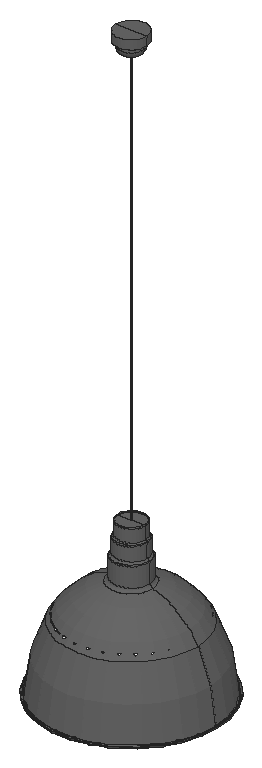
Revit family "Deep Bowl led", category Lighting Fixtures, Revit 2020
Family settings
  Round Connector Dimension = Use Diameter
  Part Type = Normal
  OmniClass Number = 23.80.70.00
  OmniClass Title = Lighting
  Work Plane-Based = No
  Always vertical = Yes
  Cut with Voids When Loaded = No
  Light Source = Yes
  Shared = No
  Room Calculation Point = No
Parameters (values of type "OSD630")
  b = 0' - 3"
  a = 1' - 7"
  Weight = "18.0 lbs"
  Wattage Comments = "37W"
  Wattage = 26.9284 W
  Warranty = "5 year limited warranty"  # constant formula
  built-in parameter 1150110 = 1 (stored number, unit not read)
  Voltage = 277 V  # constant formula
  URL = "https://www.anplighting.com/assets/Uploads/product-attachments/specification-sheets/ANP-Specification-Sheet-RLM-LED-OSD630.pdf"
  built-in parameter 1114217 = 1 (stored number, unit not read)
  Tilt Angle = 90.00°
  built-in parameter 1150109 = 1 (stored number, unit not read)
  built-in parameter 1150134 = 12
  built-in parameter 1150113 = 1 (stored number, unit not read)
  Photometric Web File = "D618M016LDNW30K.IES"
  OSD638 = no
  OSD630 = yes
  OSD626 = no
  OSD622 = no
  Mounting Option [instance] = 1
  Power Factor = 1
  Post Mount [instance] = Mounting Option = 5  # no
  Placement X axis side [instance] = if(Post Mount, 2' 2 15/32", if(Cord or Stem Mount, 0' 0", if(E36 20 inch, 1' 8 1/4", if(E 6 26 inch, 2' 2", if(E7 41 inch, 3' 5 1/4", 0' 1")))))  # 0' - 0"
  Model = "OSD630"
  Manufacturer = "ANP Lighting"  # constant formula
  built-in parameter 1150105 = 318.31 (stored number, unit not read)
  Lumens = 4000 lm
  built-in parameter 1150115 = 1 (stored number, unit not read)
  Load Classification = Lighting
  Light Source Height [instance] = 0' - 0"
  built-in parameter 1150137 = (empty or 0)
  built-in parameter 1150139 = (empty or 0)
  Light Elevation _2 [instance] = if(Post Mount, 0' 0.66142", if(E7 41 inch, 0' 0.66142", if(E36 20 inch, 0' 1.65748", if(E 6 26 inch, 0' 1.53543", if(Cord or Stem Mount, (0' 4.3622" + Cord Length), 0' 0")))))  # 6' - 4.3622"
  Light Elevation _1 [instance] = if(Post Mount, 0' 0", if(E7 41 inch, 0' 0", if(E36 20 inch, 0' 1", if(E 6 26 inch, 0' 0.87402", if(Cord or Stem Mount, (0' 3.66142" + Cord Length), 0' 0")))))  # 6' - 3.66142"
  Light Elevation [instance] = if(Post Mount, 14' 0.5315", if(E7 41 inch, 0' 0", 0' 0"))  # 0' - 0"
  Life = "L70 50,000 hours"  # constant formula
  built-in parameter 1150112 = 1 (stored number, unit not read)
  built-in parameter 1150114 = 1 (stored number, unit not read)
  Lamp = "LED"
  built-in parameter 1150132 = 2
  built-in parameter 1150102 = (empty or 0)
  built-in parameter 1150107 = 4000 (stored number, unit not read)
  built-in parameter 1150138 = (empty or 0)
  built-in parameter 1150106 = 3.1831 (stored number, unit not read)
  Fixture Height = 2' - 3"
  Fixture Diameter = 2' - 6"
  Efficiency = "65-125 lumens per watt"  # constant formula
  built-in parameter 1150104 = 13.8 (stored number, unit not read)
  E7 41 inch [instance] = Mounting Option = 4  # no
  E36 20 inch [instance] = Mounting Option = 3  # no
  E 6 26 inch [instance] = Mounting Option = 2  # no
  Dimming Lamp Color Temperature Shift = <None>
  Dimming = "1%"  # constant formula
  Description = "120-277 Voltage"  # constant formula
  Default Elevation = 0' - 0"
  D618 = no
  D616 = no
  D612 = no
  D610 = no
  D608 = no
  Cord or Stem Mount [instance] = Mounting Option = 1  # yes
  Cord Length option [instance] = 0
  Cord Length [instance] = if([2' Cord], 2' 0", if([4' Cord], 4' 0", if([8' Cord], 8' 0", if([10' Cord], 10' 0", if([6' Cord], 6' 0", 6' 0")))))  # 6' - 0"
  Construction Material = "Heavy Duty spun aluminum."  # constant formula
  Color Filter = 16777215
  CRI = ">90"  # constant formula
  Bulb = Bulb
  Body Material = body
  Body Colour = "Spun aluminium"  # constant formula
  built-in parameter 1114218 = 1 (stored number, unit not read)
  BULB = yes
  built-in parameter 1150133 = 10 (stored number, unit not read)
  Apparent Load = 37 VA
  8' Cord [instance] = Cord Length option = 8  # no
  6' Cord [instance] = Cord Length option = 6  # no
  4' Cord [instance] = Cord Length option = 4  # no
  2' Cord [instance] = Cord Length option = 2  # no
  10' Cord [instance] = Cord Length option = 10  # no
Reference planes (in)
  plane 1 "Light Source Axis (F/B)": y = 0
  plane 2: z = 0
  plane 3 "Light Source Axis (L/R)": x = 0
  plane 4 "Light Source Elevation": z = 0
  plane 5: z = 0
  plane 6: x = 0
  plane 7 "Bulb Position": z = -76.3622
  plane 8 "Canopy Position": z = -75.66142
  plane 9 "IES": z = -76.3622
  plane 10: z = 164.5315
  plane 11: z = -94.66142
  plane 12: z = -91.66142
  plane 13: z = -89.23029
Dimensions and locks (in)
  "Light Elevation": plane 5 to plane 2
  "Placement X axis side": plane 6 to plane 3 "Light Source Axis (L/R)"
  "Light Elevation _2": plane 5 to plane 7 "Bulb Position"
  "Light Elevation _1": plane 5 to plane 8 "Canopy Position"
  "Light Source Height": plane 7 "Bulb Position" to plane 9 "IES"
  locked: plane 4 "Light Source Elevation" to plane 2
  "a": plane 8 "Canopy Position" to plane 11
  "b": plane 12 to plane 11
  locked: plane 13 to plane 12 at 2.43113
  aligned and locked: level to plane 2
  aligned and locked: plane 1 "Light Source Axis (F/B)" to nested 5
  aligned and locked: nested 5 to plane 2
  aligned and locked: nested 1 to plane 3 "Light Source Axis (L/R)"
  aligned and locked: plane 3 "Light Source Axis (L/R)" to nested 2
  aligned and locked: plane 3 "Light Source Axis (L/R)" to nested 4
  aligned and locked: nested 3 to plane 5
  aligned and locked: plane 3 "Light Source Axis (L/R)" to nested 3
  aligned and locked: plane 1 "Light Source Axis (F/B)" to nested 2
  aligned and locked: plane 1 "Light Source Axis (F/B)" to nested 1
  aligned and locked: plane 1 "Light Source Axis (F/B)" to nested 4
  aligned and locked: plane 1 "Light Source Axis (F/B)" to nested 3
  aligned and locked: plane 2 to nested 1
  aligned and locked: plane 2 to nested 2
  aligned and locked: nested 4 to plane 2
  aligned and locked: imposter light to plane 6
  aligned and locked: plane 12 to imposter light
  aligned and locked: imposter light to plane 1 "Light Source Axis (F/B)"
  aligned and locked: plane 1 "Light Source Axis (F/B)" to nested 6
  aligned and locked: plane 6 to nested 6
  aligned and locked: plane 1 "Light Source Axis (F/B)" to nested 7
  aligned and locked: plane 1 "Light Source Axis (F/B)" to nested 8
  aligned and locked: plane 1 "Light Source Axis (F/B)" to nested 9
  aligned and locked: plane 1 "Light Source Axis (F/B)" to nested 10
  aligned and locked: plane 1 "Light Source Axis (F/B)" to nested 11
  aligned and locked: plane 1 "Light Source Axis (F/B)" to nested 12
  aligned and locked: plane 8 "Canopy Position" to nested 6
  aligned and locked: nested 7 to plane 6
  aligned and locked: plane 8 "Canopy Position" to nested 7
  aligned and locked: nested 8 to plane 6
  aligned and locked: plane 8 "Canopy Position" to nested 8
  aligned and locked: nested 9 to plane 6
  aligned and locked: plane 8 "Canopy Position" to nested 9
  aligned and locked: nested 10 to plane 6
  aligned and locked: plane 8 "Canopy Position" to nested 10
  aligned and locked: plane 6 to nested 11
  aligned and locked: plane 8 "Canopy Position" to nested 11
  aligned and locked: nested 12 to plane 6
  aligned and locked: plane 8 "Canopy Position" to nested 12
  aligned and locked: nested 13 to plane 8 "Canopy Position"
  aligned and locked: nested 13 to plane 6
  aligned and locked: nested 14 to plane 8 "Canopy Position"
  aligned and locked: nested 14 to plane 6
  aligned and locked: plane 1 "Light Source Axis (F/B)" to nested 13
Nested families (in)
  nested 1: "CORD OR STEM MOUNT" at (0, 0, -75.67), visible <- "Cord or Stem Mount", Cord or Stem Mount <- "Cord or Stem Mount", Body Material <- "Body Material", Light Elevation <- "Light Elevation", Cord Length <- "Cord Length", 10' Cord <- "10' Cord", 2' Cord <- "2' Cord", 4' Cord <- "4' Cord", 6' Cord <- "6' Cord", 8' Cord <- "8' Cord", type "CORD OR STEM MOUNT"
    with Light Elevation 0' - 0", Cord or Stem Mount yes, Cord Length 6' - 0", Body Material body, 8' Cord no, 6' Cord no, 4' Cord no, 2' Cord no, 10' Cord no
  nested 2: "E6 26 INCH" at (0, 0, 0), visible <- "E 6 26 inch", Chain Length <- "Cord Length", E 6 26 inch <- "E 6 26 inch", Placement X axis side <- "Placement X axis side", Body Material <- "Body Material", Light Elevation <- "Light Elevation", type "E6 26 INCH"
    with Placement X axis side 0' - 0", Light Elevation 0' - 0", E 6 26 inch no, Chain Length 6' - 0", Body Material body
  nested 3: "E7 41 INCH" at (0, 0, 0), Chain Length <- "Cord Length", visible <- "E7 41 inch", E7 41 inch <- "E7 41 inch", Placement X axis side <- "Placement X axis side", Body Material <- "Body Material", Light Elevation <- "Light Elevation", type "E7 41 INCH"
    with Placement X axis side 0' - 0", Light Elevation 0' - 0", E7 41 inch no, Chain Length 6' - 0", Body Material body
  nested 4: "E36 20 INCH" at (0, 0, 0), visible <- "E36 20 inch", E36 20 inch <- "E36 20 inch", Placement X axis side <- "Placement X axis side", Chain Length <- "Cord Length", Body Material <- "Body Material", Light Elevation <- "Light Elevation", type "E36 20 INCH"
    with Placement X axis side 0' - 0", Light Elevation 0' - 0", E36 20 inch no, Chain Length 6' - 0", Body Material body
  nested 5: "POST MOUNT" at (0, 0, 0), visible <- "Post Mount", Post Mount <- "Post Mount", Placement X axis side <- "Placement X axis side", Chain Length <- "Cord Length", Body Material <- "Body Material", Light Elevation <- "Light Elevation", type "POST MOUNT"
    with Post Mount no, Placement X axis side 0' - 0", Light Elevation 0' - 0", Chain Length 6' - 0", Body Material body
  nested 6: "1.D608" at (0, 0, -75.66142), Body <- "Body Material", visible <- "D608", D608 <- "D608", Light Elevation <- "Light Elevation", type "1.D608"
    with Light Elevation 0' - 0", D608 no, Body body
  nested 7: "2.D610" at (0, 0, -75.66142), visible <- "D610", Body <- "Body Material", Light Elevation <- "Light Elevation", D610 <- "D610", type "2.D610"
    with Light Elevation 0' - 0", D610 no, Body body
  nested 8: "3.D612" at (0, 0, -75.66142), D612 <- "D612", visible <- "D612", Body <- "Body Material", Light Elevation <- "Light Elevation", type "3.D612"
    with Light Elevation 0' - 0", D612 no, Body body
  nested 9: "4.D616" at (0, 0, -75.66137), Light Elevation <- "Light Elevation", Body <- "Body Material", visible <- "D616", D616 <- "D616", type "4.D616"
    with Light Elevation 0' - 0", D616 no, Body body
  nested 10: "5.D618" at (0, 0, -75.66142), visible <- "D618", D618 <- "D618", Body <- "Body Material", Light Elevation <- "Light Elevation", type "5.D618"
    with Light Elevation 0' - 0", D618 no, Body body
  nested 11: "6.OSD622" at (0, 0, -75.66142), Light Elevation <- "Light Elevation", Body <- "Body Material", visible <- "OSD622", OSD622 <- "OSD622", Bulb <- "Bulb", type "6.OSD622"
    with OSD622 no, Light Elevation 0' - 0", Bulb Bulb, Body body
  nested 12: "8.OSD638" at (0, 0, -75.66142), OSD638 <- "OSD638", visible <- "OSD638", Body <- "Body Material", Light Elevation <- "Light Elevation", type "8.OSD638"
    with OSD638 no, Light Elevation 0' - 0", Body body
  nested 13: "OSD626" at (0, -75.10736, -75.66142), visible <- "OSD626", Body <- "Body Material", Light Elevation <- "Light Elevation", OSD626 <- "OSD626", Bulb <- "Bulb", type "OSD626"
    with OSD626 no, Light Elevation 0' - 0", Bulb Bulb, Body body
  nested 14: "7.OSD630" at (0, 0, -75.66142), visible <- "OSD630", Body <- "Body Material", Light Elevation <- "Light Elevation", OSD630 <- "OSD630", type "7.OSD630"
    with OSD630 yes, Light Elevation 0' - 0", Body body
Definition of nested family "CORD OR STEM MOUNT"
  Parameters (values of type "CORD OR STEM MOUNT")
    URL = ""
    Model = ""
    Manufacturer = ""
    Light Elevation [instance] = 1' - 7.69"
    Default Elevation = 0' - 0"
    Cord or Stem Mount [instance] = yes
    Cord Length [instance] = 6' - 0"
    Body Material [instance] = none
    8' Cord [instance] = no
    6' Cord [instance] = no
    4' Cord [instance] = no
    2' Cord [instance] = no
    10' Cord [instance] = no
  Reference planes (in)
    plane 1 "Light Source Axis (F/B)": y = 0
    plane 2: z = 0
    plane 3 "Light Source Axis (L/R)": x = 0
    plane 4 "Light Source Elevation": z = 23.125
    plane 5: z = 91.69
    plane 6: z = 19.69
  Forms (in)
    Extrusion 1, void, not visible
      sketch origin (0, 0, 2.38154) x (1, 0, 0) y (0, 0, 1)
        loop
          circle (0, 4.59925) r 0.16583
      from 1.18594 to 1.75
    Extrusion 2, void, not visible
      sketch origin (0, 0, 2.38154) x (0.707107, -0.707107, 0) y (0, 0, 1)
        loop
          circle (0, 4.59925) r 0.16583
      from 1.18594 to 1.75
    Extrusion 3, void, not visible
      sketch origin (0, 0, 2.38154) x (0.707107, 0.707107, 0) y (0, 0, 1)
        loop
          circle (0, 4.59925) r 0.16583
      from 1.18594 to 1.75
    Extrusion 4, void, not visible
      sketch origin (0, 0, 2.38154) x (0, 1, 0) y (0, 0, 1)
        loop
          circle (0, 4.59925) r 0.16583
      from 1.18594 to 1.75
    Extrusion 5, void, not visible
      sketch origin (0, 0, 2.38154) x (-0.707107, 0.707107, 0) y (0, 0, 1)
        loop
          circle (0, 4.59925) r 0.16583
      from 1.18594 to 1.75
    Extrusion 6, void, not visible
      sketch origin (0, 0, 2.38154) x (-1, 0, 0) y (0, 0, 1)
        loop
          circle (0, 4.59925) r 0.20678
      from 1.18594 to 1.75
    Extrusion 7, void, not visible
      sketch origin (0, 0, 2.38154) x (-0.707107, -0.707107, 0) y (0, 0, 1)
        loop
          circle (0, 4.59925) r 0.16583
      from 1.18594 to 1.75
    Extrusion 8, void, not visible
      sketch origin (0, 0, 2.38154) x (0, -1, 0) y (0, 0, 1)
        loop
          circle (0, 4.59925) r 0.16583
      from 1.18594 to 1.75
    Revolve 9, solid, material <- "Body Material", visible <- "Cord or Stem Mount"
      sketch origin (0, 0, 174.56698) x (1, 0, 0) y (0, 0, 1)
        loop
          line (2.6875, -79.20698) -> (0, -79.20698) -> (0, -82.87698) -> (0.125, -82.87698) -> (0.125, -82.83698) -> (0.75, -82.83698)
          arc (0.75, -82.83698) -> (0.81694, -82.77004) -> (0.75, -82.7031) r 0.06694
          line (0.75, -82.7031) -> (0.89763, -82.7031) -> (1.00223, -82.5985) -> (1.06587, -82.5985)
          arc (1.06587, -82.5985) -> (1.80099, -82.29401) -> (2.10549, -81.55888) r 1.03962
          line (2.10549, -81.55888) -> (2.10549, -81.03899)
          arc (2.10549, -81.03899) -> (2.12951, -80.981) -> (2.1875, -80.95698) r 0.08201
          line (2.1875, -80.95698) -> (2.1875, -80.70698) -> (2.6875, -80.70698) -> (2.6875, -79.20698)
        axis (0, -79.20698) -> (0, -82.87698)
      angle from 0 to 360
    Revolve 10, solid, material <- "Body Material", visible <- "Cord or Stem Mount"
      sketch origin (0, 0, 0) x (1, 0, 0) y (0, 0, 1)
        loop
          line (0, 91.69) -> (-0.125, 91.69) -> (-0.125, 19.69) -> (0, 19.69) -> (0, 91.69)
        axis (0, 19.69) -> (0, 91.69)
      angle from 0 to 360
  Dimensions and locks (in)
    "Light Elevation": plane 6 to plane 2
    "Cord Length": plane 5 to plane 6
    locked: Revolve 10 sketch curve to Revolve 10 sketch curve at 0.125
    aligned and locked: level to plane 2
    aligned and locked: Revolve 10 sketch curve to plane 3 "Light Source Axis (L/R)"
    aligned and locked: Revolve 10 sketch curve to plane 6
    aligned and locked: Revolve 10 sketch curve to plane 5
    aligned and locked: plane 3 "Light Source Axis (L/R)" to Revolve 10 sketch curve
  Automatic sketch dimensions
    Revolve 9 sketch curve to plane 3 "Light Source Axis (L/R)" = 0' - 0"  (x2)
    Revolve 9 sketch curve to plane 5 = 0' - 0"
    plane 3 "Light Source Axis (L/R)" to Revolve 9 sketch curve = 0' - 0 1/8"
    Revolve 9 sketch curve to plane 5 = 0' - 0.17388"
    Revolve 9 sketch curve to Revolve 9 sketch curve = 0' - 0 5/8"
    Revolve 9 sketch curve to Revolve 9 sketch curve = 0' - 0.14763"
    Revolve 9 sketch curve to plane 5 = 0' - 0.27847"
    Revolve 9 sketch curve to Revolve 9 sketch curve = 0' - 0.1046"
    Revolve 9 sketch curve to Revolve 9 sketch curve = 0' - 0.06364"
    Revolve 9 sketch curve to Revolve 9 sketch curve = 0' - 1.03962"
    Revolve 9 sketch curve to Revolve 9 sketch curve = 0' - 0 21/256"
    Revolve 9 sketch curve to Revolve 9 sketch curve = 0' - 0 1/2"  (x2)
    Revolve 9 sketch curve to Revolve 9 sketch curve = 0' - 0.51989"
    Revolve 9 sketch curve to Revolve 9 sketch curve = 0' - 0 1/4"
    Revolve 9 sketch curve to Revolve 9 sketch curve = 0' - 2.3519"
    Revolve 9 sketch curve to Revolve 9 sketch curve = 0' - 1 1/4"
    Revolve 9 sketch curve to Revolve 9 sketch curve = 0' - 0.04"
    Revolve 10 sketch curve to Revolve 10 sketch curve = 0' - 0 1/2"
    Revolve 10 sketch curve to Revolve 10 sketch curve = 0' - 0.42345"
Definition of nested family "7.OSD630"
  Parameters (values of type "7.OSD630")
    OSD630 [instance] = yes
    Light Elevation [instance] = 4' - 0"
    Default Elevation = 0' - 0"
    Bulb = none
    Body [instance] = none
  Reference planes (in)
    plane 1 "Center (Front/Back)": y = 0
    plane 2: z = 0
    plane 3 "Center (Left/Right)": x = 0
    plane 4: z = 48
  Dimensions and locks (in)
    "Light Elevation": plane 4 to plane 2
    aligned and locked: plane 2 to level
    aligned and locked: plane 1 "Center (Front/Back)" to nested 1
    aligned and locked: plane 3 "Center (Left/Right)" to nested 1
    aligned and locked: plane 4 to nested 1
  Nested families (in)
    nested 1: "OSD630" at (0, 0, 21), visible <- "OSD630", SHADE <- "Body", Bulb <- "Bulb", OSD630 <- "OSD630", type "OSD630"
      with SHADE none
  Definition of nested family "OSD630"
    Parameters (values of type "OSD630")
      SHADE [instance] = none
      OSD630 [instance] = yes
      Default Elevation = 0' - 0"
      Bulb [instance] = none
    Reference planes (in)
      plane 1 "Center (Front/Back)": y = 0
      plane 2: z = 0
      plane 3 "Center (Left/Right)": x = 0
      plane 4: z = 27
      plane 5: x = 15
      plane 6: z = 11
      plane 7: x = -15
    Forms (in)
      Revolve 1, solid, material <- "SHADE", visible <- "OSD630"
        sketch origin (0, 0, 0) x (1, 0, 0) y (0, 0, 1)
          loop
            line (-0.13, 27) -> (-2.32072, 27)
            arc (-2.32072, 27) -> (-2.39531, 26.9691) -> (-2.42621, 26.89451) r 0.10549
            line (-2.42621, 26.89451) -> (-2.42621, 24.78954)
            arc (-2.42621, 24.78954) -> (-2.49249, 24.59575) -> (-2.66356, 24.48313) r 0.31646
            arc (-2.66356, 24.48313) -> (-2.72058, 24.44559) -> (-2.74267, 24.38099) r 0.10549
            line (-2.74267, 24.38099) -> (-2.74267, 22.04687)
            arc (-2.74267, 22.04687) -> (-2.83778, 21.78) -> (-3.08023, 21.63344) r 0.42195
            arc (-3.08023, 21.63344) -> (-3.14085, 21.5968) -> (-3.16462, 21.53009) r 0.10549
            line (-3.16462, 21.53009) -> (-3.16462, 18.23152)
            arc (-3.16462, 18.23152) -> (-3.31931, 17.81693) -> (-3.70775, 17.60499) r 0.63292
            arc (-3.70775, 17.60499) -> (-8.24781, 15.32648) -> (-11.58027, 11.49263) r 13.10429
            arc (-11.58027, 11.49263) -> (-13.65416, 6.00426) -> (-14.56024, 0.20751) r 28.49989
            arc (-14.56024, 0.20751) -> (-14.60257, 0.11562) -> (-14.69653, 0.07812) r 0.13647
            line (-14.69653, 0.07812) -> (-14.79687, 0.07812)
            arc (-14.79687, 0.07812) -> (-14.88526, 0.11474) -> (-14.92187, 0.20313) r 0.125
            line (-14.92187, 0.20313) -> (-14.92187, 0.28227)
            arc (-14.92187, 0.28227) -> (-14.85617, 0.31447) -> (-14.80518, 0.26199) r 0.06229
            line (-14.80518, 0.26199) -> (-14.80518, 0.37925)
            arc (-14.80518, 0.37925) -> (-14.92109, 0.38261) -> (-15, 0.29764) r 0.14042
            line (-15, 0.29764) -> (-15, 0.20313)
            arc (-15, 0.20313) -> (-14.94051, 0.05949) -> (-14.79687, 0) r 0.20313
            line (-14.79687, 0) -> (-14.69653, 0)
            arc (-14.69653, 0) -> (-14.54878, 0.05896) -> (-14.48222, 0.20346) r 0.2146
            arc (-14.48222, 0.20346) -> (-13.57891, 5.98325) -> (-11.51141, 11.45567) r 28.42176
            arc (-11.51141, 11.45567) -> (-8.20095, 15.26396) -> (-3.69157, 17.52841) r 13.02617
            arc (-3.69157, 17.52841) -> (-3.25859, 17.76771) -> (-3.0865, 18.23152) r 0.71105
            line (-3.0865, 18.23152) -> (-3.0865, 21.53009)
            arc (-3.0865, 21.53009) -> (-3.08033, 21.54739) -> (-3.06461, 21.5569) r 0.02736
            arc (-3.06461, 21.5569) -> (-2.77727, 21.73059) -> (-2.66455, 22.04687) r 0.50007
            line (-2.66455, 22.04687) -> (-2.66455, 24.38099)
            arc (-2.66455, 24.38099) -> (-2.65882, 24.39775) -> (-2.64403, 24.40748) r 0.02736
            arc (-2.64403, 24.40748) -> (-2.43072, 24.54791) -> (-2.34809, 24.78954) r 0.39459
            line (-2.34809, 24.78954) -> (-2.34809, 26.89929)
            arc (-2.34809, 26.89929) -> (-2.34007, 26.91864) -> (-2.32072, 26.92665) r 0.02736
            line (-2.32072, 26.92665) -> (-0.13, 26.92665) -> (-0.13, 27)
          axis (0, 27) -> (0, 0)
        angle from 0 to 360
      Revolve 2, solid, material <- "Bulb", visible <- "OSD630"
        sketch origin (0, 0, 0) x (1, 0, 0) y (0, 0, 1)
          loop
            arc (0, 11) -> (0.64231, 11.30359) -> (0.85086, 11.98274) r 0.87971
            line (0.85086, 11.98274) -> (1.1982, 11.98274) -> (1.1982, 12.125) -> (0.92191, 12.125) -> (0.92191, 12.375) -> (0.75, 12.375) -> (0.75, 12.125) -> (0, 12.125) -> (0, 11)
          axis (0, 11) -> (0, 12.375)
        angle from 0 to 360
      Revolve 3, solid, material <- "Bulb", visible <- "OSD630"
        sketch origin (0, 0, 0) x (1, 0, 0) y (0, 0, 1)
          loop
            line (0, 12.125) -> (9.75, 12.125) -> (9.75, 12.21875) -> (11.0372, 12.21875) -> (10.93484, 12.37049) -> (0, 12.37049) -> (0, 12.125)
          axis (0, 12.125) -> (0, 12.37049)
        angle from 0 to 360
    Dimensions and locks (in)
      plane 5 to plane 3 "Center (Left/Right)" = 1' - 3"
      plane 2 to plane 4 = 2' - 3"
      plane 2 to plane 6 = 0' - 11"
      locked: Revolve 2 sketch curve to Revolve 2 sketch curve at 0.14226
      locked: Revolve 2 sketch curve to Revolve 2 sketch curve at 0.17191
      locked: Revolve 2 sketch curve to Revolve 2 sketch curve at 1.1982
      locked: Revolve 3 sketch curve to Revolve 3 sketch curve at 0.24549
      locked: Revolve 3 sketch curve to Revolve 3 sketch curve at 0.15174
      aligned and locked: plane 2 to level
      aligned and locked: Revolve 1 sketch curve to plane 4
Definition of nested family "E6 26 INCH"
  Parameters (values of type "E6 26 INCH")
    URL = ""
    Placement X axis side [instance] = 2' - 2"
    Model = ""
    Manufacturer = ""
    Light Elevation [instance] = 8' - 4"
    E 6 26 inch [instance] = yes
    Default Elevation = 0' - 0"
    Chain Length [instance] = 0' - 0"
    Body Material [instance] = none
  Reference planes (in)
    plane 1 "Light Source Axis (F/B)": y = 0
    plane 2: z = 0
    plane 3 "Light Source Axis (L/R)": x = 0
    plane 4 "Light Source Elevation": z = 23.125
    plane 5: z = 100
    plane 6: x = -26
    plane 7: z = 99.125
    plane 8: x = -24.12
    plane 9: x = -25.5474
  Forms (in)
    Extrusion 1, void, not visible
      sketch origin (0, 0, 2.38154) x (1, 0, 0) y (0, 0, 1)
        loop
          circle (0, 4.59925) r 0.16583
      from 1.18594 to 1.75
    Extrusion 2, void, not visible
      sketch origin (0, 0, 2.38154) x (0.707107, -0.707107, 0) y (0, 0, 1)
        loop
          circle (0, 4.59925) r 0.16583
      from 1.18594 to 1.75
    Extrusion 3, void, not visible
      sketch origin (0, 0, 2.38154) x (0.707107, 0.707107, 0) y (0, 0, 1)
        loop
          circle (0, 4.59925) r 0.16583
      from 1.18594 to 1.75
    Extrusion 4, void, not visible
      sketch origin (0, 0, 2.38154) x (0, 1, 0) y (0, 0, 1)
        loop
          circle (0, 4.59925) r 0.16583
      from 1.18594 to 1.75
    Extrusion 5, void, not visible
      sketch origin (0, 0, 2.38154) x (-0.707107, 0.707107, 0) y (0, 0, 1)
        loop
          circle (0, 4.59925) r 0.16583
      from 1.18594 to 1.75
    Extrusion 6, void, not visible
      sketch origin (0, 0, 2.38154) x (-1, 0, 0) y (0, 0, 1)
        loop
          circle (0, 4.59925) r 0.20678
      from 1.18594 to 1.75
    Extrusion 7, void, not visible
      sketch origin (0, 0, 2.38154) x (-0.707107, -0.707107, 0) y (0, 0, 1)
        loop
          circle (0, 4.59925) r 0.16583
      from 1.18594 to 1.75
    Extrusion 8, void, not visible
      sketch origin (0, 0, 2.38154) x (0, -1, 0) y (0, 0, 1)
        loop
          circle (0, 4.59925) r 0.16583
      from 1.18594 to 1.75
    Sweep 9, solid, material <- "Body Material", visible <- "E 6 26 inch"
      path origin (-41.25, 0, 168.51693) x (1, 0, 0) y (0, 0, 1)
        loop
          line (17.13, -68.51693) -> (27.68551, -68.51693)
          arc (27.68551, -68.51693) -> (28.47996, -68.34486) -> (29.13202, -67.8595) r 1.92004
          line (29.13202, -67.8595) -> (34.23651, -62.01155)
          arc (34.23651, -62.01155) -> (38.65464, -60.89667) -> (41.25, -64.64193) r 4
          line (41.25, -64.64193) -> (41.25, -69.39193)
      profile origin (-18.84224, 0, 100) x (0, 0, 1) y (0, -1, 0)
        loop
          circle (0, 0) r 0.5
    Revolve 10, solid, material <- "Body Material", visible <- "E 6 26 inch"
      sketch origin (-26, 0, 168.51693) x (1, 0, 0) y (0, 0, 1)
        loop
          line (0, -66.07943) -> (0, -68.51693) -> (1.88, -68.51693) -> (1.88, -67.69272) -> (0.4526, -67.69272) -> (0.4526, -66.54122) -> (0.33125, -66.54122) -> (0.33125, -66.07943) -> (0, -66.07943)
        axis (0, -68.51693) -> (1.88, -68.51693)
      angle from 0 to 360
    Extrusion 11, solid, material <- "Body Material", visible <- "E 6 26 inch"
      sketch origin (-26, 0, 168.51693) x (0, -1, 0) y (0, 0, -1)
        loop
          line (0.25, 68.51693) -> (0.25, 69.51693) -> (-0.25, 69.51693) -> (-0.25, 68.51693) -> (0.25, 68.51693)
      from 0.4526 to 1.88
  Cuts and joins
    joined: Revolve 10, Extrusion 11
  Dimensions and locks (in)
    "Light Elevation": plane 5 to plane 2
    "Placement X axis side": plane 3 "Light Source Axis (L/R)" to plane 6
    locked: plane 5 to plane 7 at 0.875
    Revolve 10 sketch curve to Revolve 10 sketch curve to Revolve 10 sketch curve to plane 6 = 0' - 1.4274" locked, 0' - 0.12135" locked, 0' - 0.33125" locked
    Revolve 10 sketch curve to Revolve 10 sketch curve to Revolve 10 sketch curve to plane 5 = 0' - 0.46179" locked, 0' - 1.1515" locked, 0' - 0 211/256" locked
    locked: Sweep 9 sketch curve to plane 6 at 1.88
    locked: Sweep 9 sketch curve to Sweep 9 sketch curve at 10.55551
    locked: Sweep 9 sketch curve to Sweep 9 sketch curve at 13.56449
    locked: Sweep 9 sketch curve to Sweep 9 sketch curve at 4.75
    locked: plane 9 to plane 6 at 0.4526
    locked: plane 8 to plane 9 at 1.4274
    aligned and locked: level to plane 2
    aligned and locked: Revolve 10 sketch curve to plane 6
    aligned and locked: plane 5 to Revolve 10 sketch curve
    aligned and locked: Revolve 10 sketch curve to plane 5
    aligned and locked: cut or joined group of Revolve 10, Extrusion 11 to plane 9
    aligned and locked: plane 8 to cut or joined group of Revolve 10, Extrusion 11
  Automatic sketch dimensions
    Sweep 9 sketch curve to plane 5 = 0' - 0"
    Sweep 9 sketch curve to Sweep 9 sketch curve = 0' - 4"
    Sweep 9 sketch curve to Sweep 9 sketch curve = 0' - 3.01349"
    plane 5 to Sweep 9 sketch curve = 0' - 0.65743"
    Sweep 9 sketch curve to Sweep 9 sketch curve = 0' - 1.4465"
    Sweep 9 sketch curve to plane 5 = 0' - 0 7/8"
    profile plane to Sweep 9 sketch curve = 0' - 0"
    Sweep 9 sketch curve to profile plane = 0' - 0"
    plane 6 to Revolve 10 sketch curve = 0' - 0.62562"
    Revolve 10 sketch curve to Revolve 10 sketch curve = 0' - 0 1/2"
    Extrusion 11 sketch curve to plane 5 = 0' - 0"
    plane 1 "Light Source Axis (F/B)" to Extrusion 11 sketch curve = 0' - 0 1/4"
    Extrusion 11 sketch curve to plane 1 "Light Source Axis (F/B)" = 0' - 0 1/4"
    plane 5 to Extrusion 11 sketch curve = 0' - 1"
    radius of Sweep 9 sketch curve = 0' - 0 1/2"
Definition of nested family "E7 41 INCH"
  Parameters (values of type "E7 41 INCH")
    URL = ""
    Placement X axis side [instance] = 4' - 2"
    Model = ""
    Manufacturer = ""
    Light Elevation [instance] = 8' - 4"
    E7 41 inch [instance] = yes
    Default Elevation = 0' - 0"
    Chain Length [instance] = 0' - 0"
    Body Material [instance] = none
  Reference planes (in)
    plane 1 "Light Source Axis (F/B)": y = 0
    plane 2: z = 0
    plane 3 "Light Source Axis (L/R)": x = 0
    plane 4 "Light Source Elevation": z = 23.125
    plane 5: z = 100
    plane 6: x = -50
  Forms (in)
    Extrusion 1, void, not visible
      sketch origin (0, 0, 2.38154) x (1, 0, 0) y (0, 0, 1)
        loop
          circle (0, 4.59925) r 0.16583
      from 1.18594 to 1.75
    Extrusion 2, void, not visible
      sketch origin (0, 0, 2.38154) x (0.707107, -0.707107, 0) y (0, 0, 1)
        loop
          circle (0, 4.59925) r 0.16583
      from 1.18594 to 1.75
    Extrusion 3, void, not visible
      sketch origin (0, 0, 2.38154) x (0.707107, 0.707107, 0) y (0, 0, 1)
        loop
          circle (0, 4.59925) r 0.16583
      from 1.18594 to 1.75
    Extrusion 4, void, not visible
      sketch origin (0, 0, 2.38154) x (0, 1, 0) y (0, 0, 1)
        loop
          circle (0, 4.59925) r 0.16583
      from 1.18594 to 1.75
    Extrusion 5, void, not visible
      sketch origin (0, 0, 2.38154) x (-0.707107, 0.707107, 0) y (0, 0, 1)
        loop
          circle (0, 4.59925) r 0.16583
      from 1.18594 to 1.75
    Extrusion 6, void, not visible
      sketch origin (0, 0, 2.38154) x (-1, 0, 0) y (0, 0, 1)
        loop
          circle (0, 4.59925) r 0.20678
      from 1.18594 to 1.75
    Extrusion 7, void, not visible
      sketch origin (0, 0, 2.38154) x (-0.707107, -0.707107, 0) y (0, 0, 1)
        loop
          circle (0, 4.59925) r 0.16583
      from 1.18594 to 1.75
    Extrusion 8, void, not visible
      sketch origin (0, 0, 2.38154) x (0, -1, 0) y (0, 0, 1)
        loop
          circle (0, 4.59925) r 0.16583
      from 1.18594 to 1.75
    Revolve 9, solid, material <- "Body Material", visible <- "E7 41 inch"
      sketch origin (-41.25, 0, 168.39193) x (1, 0, 0) y (0, 0, 1)
        loop
          line (-8.75, -66.20443) -> (-8.75, -68.51693) -> (-6.87, -68.51693) -> (-6.87, -67.69272) -> (-8.2974, -67.69272) -> (-8.2974, -66.54122) -> (-8.41875, -66.54122) -> (-8.41875, -66.20443) -> (-8.75, -66.20443)
        axis (-8.75, -68.51693) -> (-6.87, -68.51693)
      angle from 0 to 360
    Extrusion 10, solid, material <- "Body Material", visible <- "E7 41 inch"
      sketch origin (-41.25, 0, 168.39193) x (0, -1, 0) y (0, 0, -1)
        loop
          line (0.25, 68.51693) -> (0.25, 69.51693) -> (-0.25, 69.51693) -> (-0.25, 68.51693) -> (0.25, 68.51693)
      from -8.2974 to -6.87
    Sweep 11, solid, material <- "Body Material", visible <- "E7 41 inch"
      path origin (-41.25, 0, 168.39193) x (1, 0, 0) y (0, 0, 1)
        loop
          line (-6.87, -68.51693) -> (16.04011, -68.51693)
          arc (16.04011, -68.51693) -> (17.864, -68.13651) -> (19.38375, -67.0587) r 4.5625
          line (19.38375, -67.0587) -> (24.70217, -61.33018)
          arc (24.70217, -61.33018) -> (29.64465, -60.20324) -> (32.5, -64.39193) r 4.5
          line (32.5, -64.39193) -> (32.5, -68.39193)
      profile origin (-36.66494, 0, 99.875) x (0, 0, 1) y (0, -1, 0)
        loop
          circle (0, 0) r 0.5
  Dimensions and locks (in)
    "Placement X axis side": plane 3 "Light Source Axis (L/R)" to plane 6
    "Light Elevation": plane 5 to plane 2
    locked: Revolve 9 sketch curve to Revolve 9 sketch curve at 0.33125
    locked: Revolve 9 sketch curve to Revolve 9 sketch curve at 0.4526
    locked: Revolve 9 sketch curve to Revolve 9 sketch curve at 1.88
    locked: Revolve 9 sketch curve to Revolve 9 sketch curve at 0.82421
    locked: Revolve 9 sketch curve to Revolve 9 sketch curve at 1.1515
    locked: Revolve 9 sketch curve to Revolve 9 sketch curve at 0.33679
    locked: plane 5 to Revolve 9 sketch curve at 0.125
    locked: Extrusion 10 sketch curve to Extrusion 10 sketch curve at 0.5
    locked: Extrusion 10 sketch curve to Extrusion 10 sketch curve at 1
    locked: plane 5 to Extrusion 10 sketch curve at 0.125
    locked: plane 5 to Sweep 11 sketch curve at 0.125
    locked: Sweep 11 sketch curve to Sweep 11 sketch curve at 39.37
    locked: Sweep 11 sketch curve to Sweep 11 sketch curve at 4
    locked: plane 6 to Extrusion 10 at 0.4526
    locked: Sweep 11 sketch curve to plane 6 at 1.88
    locked: Extrusion 10 to Extrusion 10 at 1.4274
    aligned and locked: plane 2 to level
    aligned and locked: Revolve 9 sketch curve to plane 6
  Automatic sketch dimensions
    Revolve 9 sketch curve to plane 5 = 0' - 0 1/8"
    plane 6 to Revolve 9 sketch curve = 0' - 0.62562"
    Revolve 9 sketch curve to Revolve 9 sketch curve = 0' - 0 1/2"
    plane 1 "Light Source Axis (F/B)" to Extrusion 10 sketch curve = 0' - 0 1/4"
    Sweep 11 sketch curve to plane 5 = 0' - 0"
    Sweep 11 sketch curve to Sweep 11 sketch curve = 0' - 4 1/2"
    Sweep 11 sketch curve to Sweep 11 sketch curve = 0' - 3.29783"
    plane 5 to Sweep 11 sketch curve = 0' - 1.33323"
    Sweep 11 sketch curve to Sweep 11 sketch curve = 0' - 5.31842"
    Sweep 11 sketch curve to Sweep 11 sketch curve = 0' - 3.34364"
    profile plane to Sweep 11 sketch curve = 0' - 0"
    Sweep 11 sketch curve to profile plane = 0' - 0"
    radius of Sweep 11 sketch curve = 0' - 0 1/2"
Definition of nested family "E36 20 INCH"
  Parameters (values of type "E36 20 INCH")
    URL = ""
    Placement X axis side [instance] = 1' - 8 1/4"
    Model = ""
    Manufacturer = ""
    Light Elevation [instance] = 8' - 4"
    E36 20 inch [instance] = yes
    Default Elevation = 0' - 0"
    Chain Length [instance] = 0' - 0"
    Body Material [instance] = none
  Reference planes (in)
    plane 1 "Light Source Axis (F/B)": y = 0
    plane 2: z = 0
    plane 3 "Light Source Axis (L/R)": x = 0
    plane 4 "Light Source Elevation": z = 23.125
    plane 5: z = 99
    plane 6: x = -20.25
    plane 7: z = 100
    plane 8: x = -18.37008
    plane 9: x = -19.79724
  Forms (in)
    Extrusion 1, void, not visible
      sketch origin (0, 0, 2.38154) x (1, 0, 0) y (0, 0, 1)
        loop
          circle (0, 4.59925) r 0.16583
      from 1.18594 to 1.75
    Extrusion 2, void, not visible
      sketch origin (0, 0, 2.38154) x (0.707107, -0.707107, 0) y (0, 0, 1)
        loop
          circle (0, 4.59925) r 0.16583
      from 1.18594 to 1.75
    Extrusion 3, void, not visible
      sketch origin (0, 0, 2.38154) x (0.707107, 0.707107, 0) y (0, 0, 1)
        loop
          circle (0, 4.59925) r 0.16583
      from 1.18594 to 1.75
    Extrusion 4, void, not visible
      sketch origin (0, 0, 2.38154) x (0, 1, 0) y (0, 0, 1)
        loop
          circle (0, 4.59925) r 0.16583
      from 1.18594 to 1.75
    Extrusion 5, void, not visible
      sketch origin (0, 0, 2.38154) x (-0.707107, 0.707107, 0) y (0, 0, 1)
        loop
          circle (0, 4.59925) r 0.16583
      from 1.18594 to 1.75
    Extrusion 6, void, not visible
      sketch origin (0, 0, 2.38154) x (-1, 0, 0) y (0, 0, 1)
        loop
          circle (0, 4.59925) r 0.20678
      from 1.18594 to 1.75
    Extrusion 7, void, not visible
      sketch origin (0, 0, 2.38154) x (-0.707107, -0.707107, 0) y (0, 0, 1)
        loop
          circle (0, 4.59925) r 0.16583
      from 1.18594 to 1.75
    Extrusion 8, void, not visible
      sketch origin (0, 0, 2.38154) x (0, -1, 0) y (0, 0, 1)
        loop
          circle (0, 4.59925) r 0.16583
      from 1.18594 to 1.75
    Sweep 9, solid, material <- "Body Material", visible <- "E36 20 inch"
      path origin (-41.25, 0, 169.51693) x (1, 0, 0) y (0, 0, 1)
        loop
          line (22.88, -69.51693) -> (28.93827, -69.51693)
          arc (28.93827, -69.51693) -> (29.97705, -69.28152) -> (30.81284, -68.62128) r 2.40953
          line (30.81284, -68.62128) -> (34.13807, -64.50378)
          arc (34.13807, -64.50378) -> (38.58272, -63.24548) -> (41.25, -67.01693) r 4
          line (41.25, -67.01693) -> (41.25, -70.51693)
      profile origin (-15.34086, 0, 100) x (0, 0, 1) y (0, -1, 0)
        loop
          circle (0, 0) r 0.5
    Revolve 10, solid, material <- "Body Material", visible <- "E36 20 inch"
      sketch origin (-20.25, 0, 169.51693) x (1, 0, 0) y (0, 0, 1)
        loop
          line (0, -67.20443) -> (0, -69.51693) -> (1.88, -69.51693) -> (1.88, -68.69272) -> (0.4526, -68.69272) -> (0.4526, -67.54122) -> (0.33125, -67.54122) -> (0.33125, -67.20443) -> (0, -67.20443)
        axis (0, -69.51693) -> (1.88, -69.51693)
      angle from 0 to 360
    Extrusion 11, solid, material <- "Body Material", visible <- "E36 20 inch"
      sketch origin (-20.25, 0, 169.51693) x (0, -1, 0) y (0, 0, -1)
        loop
          line (0.25, 69.51693) -> (0.25, 70.51693) -> (-0.25, 70.51693) -> (-0.25, 69.51693) -> (0.25, 69.51693)
      from 1.87992 to 0.45276
  Cuts and joins
    joined: Revolve 10, Extrusion 11
  Dimensions and locks (in)
    "Light Elevation": plane 7 to plane 2
    "Placement X axis side": plane 3 "Light Source Axis (L/R)" to plane 6
    locked: plane 7 to plane 5 at 1
    Revolve 10 sketch curve to Revolve 10 sketch curve to Revolve 10 sketch curve to plane 7 = 0' - 0.33679" locked, 0' - 1.1515" locked, 0' - 0 211/256" locked
    locked: Sweep 9 sketch curve to plane 6 at 1.88
    locked: Sweep 9 sketch curve to Sweep 9 sketch curve at 6.05827
    locked: Sweep 9 sketch curve to Sweep 9 sketch curve at 12.31173
    locked: Sweep 9 sketch curve to Sweep 9 sketch curve at 3.5
    Revolve 10 sketch curve to Revolve 10 sketch curve to Revolve 10 sketch curve to plane 6 = 0' - 1.4274" locked, 0' - 0.12135" locked, 0' - 0.33125" locked
    locked: plane 9 to plane 6 at 0.45276
    locked: plane 8 to plane 9 at 1.42717
    aligned and locked: level to plane 2
    aligned and locked: plane 7 to Revolve 10 sketch curve
    aligned and locked: Revolve 10 sketch curve to plane 7
    aligned and locked: Revolve 10 sketch curve to plane 6
    aligned and locked: cut or joined group of Revolve 10, Extrusion 11 to plane 9
    aligned and locked: plane 8 to cut or joined group of Revolve 10, Extrusion 11
  Automatic sketch dimensions
    Sweep 9 sketch curve to plane 7 = 0' - 0"
    Sweep 9 sketch curve to plane 5 = 0' - 0"
    Sweep 9 sketch curve to Sweep 9 sketch curve = 0' - 4"
    Sweep 9 sketch curve to plane 7 = 0' - 0.89565"
    Sweep 9 sketch curve to Sweep 9 sketch curve = 0' - 3.32523"
    Sweep 9 sketch curve to Sweep 9 sketch curve = 0' - 1.87457"
    profile plane to Sweep 9 sketch curve = 0' - 0"
    Sweep 9 sketch curve to profile plane = 0' - 0"
    plane 6 to Revolve 10 sketch curve = 0' - 0.62562"
    Revolve 10 sketch curve to Revolve 10 sketch curve = 0' - 0 1/2"
    plane 7 to Extrusion 11 sketch curve = 0' - 0"
    Extrusion 11 sketch curve to plane 5 = 0' - 0"
    plane 1 "Light Source Axis (F/B)" to Extrusion 11 sketch curve = 0' - 0 1/4"
    Extrusion 11 sketch curve to plane 1 "Light Source Axis (F/B)" = 0' - 0 1/4"
    radius of Sweep 9 sketch curve = 0' - 0 1/2"
Definition of nested family "POST MOUNT"
  Parameters (values of type "POST MOUNT")
    URL = ""
    Post Mount [instance] = yes
    Placement X axis side [instance] = 2' - 2 1/2"
    Model = ""
    Manufacturer = ""
    Light Elevation [instance] = 14' - 0.5168"
    Default Elevation = 0' - 0"
    Chain Length [instance] = 0' - 0"
    Body Material [instance] = none
  Reference planes (in)
    plane 1 "Light Source Axis (F/B)": y = 0
    plane 2: z = 0
    plane 3 "Light Source Axis (L/R)": x = 0
    plane 4 "Light Source Elevation": z = 23.125
    plane 5: x = -26.5
    plane 6: z = 168.5168
  Forms (in)
    Extrusion 1, void, not visible
      sketch origin (0, 0, 2.38154) x (1, 0, 0) y (0, 0, 1)
        loop
          circle (0, 4.59925) r 0.16583
      from 1.18594 to 1.75
    Extrusion 2, void, not visible
      sketch origin (0, 0, 2.38154) x (0.707107, -0.707107, 0) y (0, 0, 1)
        loop
          circle (0, 4.59925) r 0.16583
      from 1.18594 to 1.75
    Extrusion 3, void, not visible
      sketch origin (0, 0, 2.38154) x (0.707107, 0.707107, 0) y (0, 0, 1)
        loop
          circle (0, 4.59925) r 0.16583
      from 1.18594 to 1.75
    Extrusion 4, void, not visible
      sketch origin (0, 0, 2.38154) x (0, 1, 0) y (0, 0, 1)
        loop
          circle (0, 4.59925) r 0.16583
      from 1.18594 to 1.75
    Extrusion 5, void, not visible
      sketch origin (0, 0, 2.38154) x (-0.707107, 0.707107, 0) y (0, 0, 1)
        loop
          circle (0, 4.59925) r 0.16583
      from 1.18594 to 1.75
    Extrusion 6, void, not visible
      sketch origin (0, 0, 2.38154) x (-1, 0, 0) y (0, 0, 1)
        loop
          circle (0, 4.59925) r 0.20678
      from 1.18594 to 1.75
    Extrusion 7, void, not visible
      sketch origin (0, 0, 2.38154) x (-0.707107, -0.707107, 0) y (0, 0, 1)
        loop
          circle (0, 4.59925) r 0.16583
      from 1.18594 to 1.75
    Extrusion 8, void, not visible
      sketch origin (0, 0, 2.38154) x (0, -1, 0) y (0, 0, 1)
        loop
          circle (0, 4.59925) r 0.16583
      from 1.18594 to 1.75
    Revolve 9, solid, material <- "Body Material", visible <- "Post Mount"
      sketch origin (-7.90508, 0, 0) x (1, 0, 0) y (0, 0, 1)
        loop
          line (-18.59492, 3.92912) -> (-16.29831, 3.92912) -> (-16.29831, 4.2668) -> (-16.91413, 4.2668) -> (-16.91413, 134.5168) -> (-17.16413, 134.5168) -> (-17.16413, 137.3918) -> (-17.05979, 137.3918)
          arc (-17.05979, 137.3918) -> (-16.93479, 137.5168) -> (-17.05979, 137.6418) r 0.125
          line (-17.05979, 137.6418) -> (-17.48032, 137.6418) -> (-17.48032, 139.0793) -> (-17.73032, 139.0793) -> (-17.73032, 139.5793) -> (-18.59492, 139.5793) -> (-18.59492, 3.92912)
        axis (-18.59492, 139.5793) -> (-18.59492, 3.92912)
      angle from 0 to 360
    Extrusion 10, solid, material <- "Body Material", visible <- "Post Mount"
      sketch origin (0, 0, 0) x (1, 0, 0) y (0, 1, 0)
        loop
          line (-20.5, 5.93079) -> (-32.5, 5.93079) -> (-32.5, -6.06921) -> (-20.5, -6.06921) -> (-20.5, 5.93079)
      from 0 to 3.92912
    Sweep 11, solid, material <- "Body Material", visible <- "Post Mount"
      path origin (0, 0, 48.5) x (1, 0, 0) y (0, 0, 1)
        loop
          line (0, 120.0168) -> (0, 128.0168)
          arc (0, 128.0168) -> (-13.25, 141.2668) -> (-26.5, 128.0168) r 13.25
          line (-26.5, 128.0168) -> (-26.5, 91.0793)
      profile origin (0, 0, 172.5168) x (-1, 0, 0) y (0, -1, 0)
        loop
          circle (0, 0) r 0.5
    Revolve 12, solid, material <- "Body Material", visible <- "Post Mount"
      sketch origin (0, 0, 0) x (1, 0, 0) y (0, 0, 1)
        loop
          line (0, 168.5168) -> (0.75, 168.5168) -> (0.75, 170.7668) -> (0, 170.7668) -> (0, 168.5168)
        axis (0, 170.7668) -> (0, 168.5168)
      angle from 0 to 360
  Cuts and joins
    joined: Revolve 9, Extrusion 10, Sweep 11, Revolve 12
  Dimensions and locks (in)
    "Placement X axis side": plane 3 "Light Source Axis (L/R)" to plane 5
    "Light Elevation": plane 6 to plane 2
    locked: Revolve 12 sketch curve to plane 5 at 26.5  (x2)
    locked: Revolve 9 sketch curve to plane 2 at 3.92912
    locked: Revolve 9 sketch curve to plane 5 at 2.29661
    locked: Revolve 9 sketch curve to plane 5 at 1.68079
    locked: Revolve 9 sketch curve to plane 5 at 1.43079
    locked: Revolve 9 sketch curve to plane 5 at 1.11461
    locked: Revolve 9 sketch curve to plane 5 at 0.86461
    locked: Revolve 9 sketch curve to Revolve 9 sketch curve at 130.58768
    locked: Revolve 9 sketch curve to Revolve 9 sketch curve at 2.875
    locked: Revolve 9 sketch curve to Revolve 9 sketch curve at 0.25
    locked: Revolve 9 sketch curve to Revolve 9 sketch curve at 1.4375
    locked: Revolve 9 sketch curve to Revolve 9 sketch curve at 0.5
    locked: Sweep 11 sketch curve to Sweep 11 sketch curve at 26.5
    locked: Revolve 12 sketch curve to Revolve 12 sketch curve at 0.75
    locked: cut or joined group of Revolve 9, Extrusion 10, Sweep 11, Revolve 12 to plane 2 at 139.5793
    aligned and locked: level to plane 2
    aligned and locked: plane 5 to Sweep 11 sketch curve
    aligned and locked: Revolve 9 sketch curve to plane 5
  Automatic sketch dimensions
    Revolve 9 sketch curve to plane 5 = 0' - 0"
    Revolve 9 sketch curve to Revolve 9 sketch curve = 0' - 0.10434"
    Revolve 9 sketch curve to Revolve 9 sketch curve = 0' - 0.33768"
    Revolve 9 sketch curve to Revolve 9 sketch curve = 0' - 0 1/4"
    Revolve 9 sketch curve to Revolve 9 sketch curve = 0' - 0 7/16"
    Extrusion 10 sketch curve to plane 5 = 0' - 6"
    plane 5 to Extrusion 10 sketch curve = 0' - 6"
    plane 1 "Light Source Axis (F/B)" to Extrusion 10 sketch curve = 0' - 6.06921"
    Extrusion 10 sketch curve to plane 1 "Light Source Axis (F/B)" = 0' - 5.93079"
    Sweep 11 sketch curve to profile plane = 0' - 0"
    profile plane to Sweep 11 sketch curve = 0' - 0"
    Sweep 11 sketch curve to plane 6 = 0' - 0"
    Sweep 11 sketch curve to plane 6 = 0' - 8"
    plane 6 to Sweep 11 sketch curve = 2' - 4 15/16"
    Revolve 12 sketch curve to plane 6 = 0' - 0"
    Revolve 12 sketch curve to plane 6 = 0' - 2 1/4"
    Revolve 12 sketch curve to Revolve 12 sketch curve = 0' - 0 1/2"
    Revolve 12 sketch curve to Revolve 12 sketch curve = 0' - 0"
    radius of Sweep 11 sketch curve = 0' - 0 1/2"
Definition of nested family "1.D608"
  Parameters (values of type "1.D608")
    Light Elevation [instance] = 4' - 0"
    Default Elevation = 0' - 0"
    D608 [instance] = yes
    Body [instance] = none
  Reference planes (in)
    plane 1 "Center (Front/Back)": y = 0
    plane 2: z = 0
    plane 3 "Center (Left/Right)": x = 0
    plane 4: z = 48
  Dimensions and locks (in)
    "Light Elevation": plane 4 to plane 2
    aligned and locked: plane 2 to level
    aligned and locked: plane 1 "Center (Front/Back)" to nested 1
    aligned and locked: plane 3 "Center (Left/Right)" to nested 1
    aligned and locked: nested 1 to plane 4
  Nested families (in)
    nested 1: "D608" at (0, 0, 40.5), Body <- "Body", D608 <- "D608", visible <- "D608", type "D608"
  Definition of nested family "D608"
    Parameters (values of type "D608")
      W = 0' - 8"
      Default Elevation = 0' - 0"
      D608 [instance] = yes
      Body [instance] = none
    Reference planes (in)
      plane 1 "Center (Front/Back)": y = 0
      plane 2: z = 0
      plane 3 "Center (Left/Right)": x = 0
      plane 4: z = 7.5
    Forms (in)
      Revolve 1, solid, material <- "Body", visible <- "D608"
        sketch origin (0, 0, -3.42847) x (1, 0, 0) y (0, 0, 1)
          loop
            arc (-3.67844, 3.61442) -> (-3.75944, 3.52438) -> (-3.87586, 3.49098) r 0.21959
            arc (-3.87586, 3.49098) -> (-3.93758, 3.5527) -> (-3.87586, 3.61442) r 0.06172
            line (-3.87586, 3.61442) -> (-3.87586, 3.67692)
            arc (-3.87586, 3.67692) -> (-4.00008, 3.5527) -> (-3.87586, 3.42848) r 0.12422
            arc (-3.87586, 3.42848) -> (-3.72202, 3.47356) -> (-3.61686, 3.59455) r 0.285
            arc (-3.61686, 3.59455) -> (-2.93312, 5.95733) -> (-1.26092, 7.76121) r 5.32809
            arc (-1.26092, 7.76121) -> (-1.11483, 7.92058) -> (-1.05824, 8.12924) r 0.4575
            line (-1.05824, 8.12924) -> (-1.03693, 8.93908)
            arc (-1.03693, 8.93908) -> (-1.03476, 8.95989) -> (-1.0294, 8.98012) r 0.135
            line (-1.0294, 8.98012) -> (-0.96376, 9.16765)
            arc (-0.96376, 9.16765) -> (-0.95319, 9.20798) -> (-0.9492, 9.24948) r 0.26
            line (-0.9492, 9.24948) -> (-0.92417, 10.85135) -> (-0.25, 10.85135) -> (-0.25, 10.92847) -> (-0.88825, 10.92847)
            arc (-0.88825, 10.92847) -> (-0.95753, 10.90009) -> (-0.98699, 10.83126) r 0.09875
            line (-0.98699, 10.83126) -> (-1.01169, 9.25046)
            arc (-1.01169, 9.25046) -> (-1.01472, 9.21893) -> (-1.02275, 9.1883) r 0.1975
            line (-1.02275, 9.1883) -> (-1.08839, 9.00077)
            arc (-1.08839, 9.00077) -> (-1.09623, 8.97117) -> (-1.09941, 8.94072) r 0.1975
            line (-1.09941, 8.94072) -> (-1.12072, 8.13089)
            arc (-1.12072, 8.13089) -> (-1.16958, 7.95073) -> (-1.29571, 7.81313) r 0.395
            arc (-1.29571, 7.81313) -> (-2.98338, 5.99542) -> (-3.67844, 3.61442) r 5.39059
          axis (0, 10.92847) -> (0, 3.42848)
        angle from 0 to 360
    Dimensions and locks (in)
      plane 4 to plane 2 = 0' - 7 1/2"
      aligned and locked: plane 2 to level
      aligned and locked: Revolve 1 to plane 4
Definition of nested family "2.D610"
  Parameters
    Light Elevation [instance] = 4' - 0"
    Default Elevation = 0' - 0"
    D610 [instance] = yes
    Body [instance] = none
  Reference planes (in)
    plane 1 "Center (Front/Back)": y = 0
    plane 2: z = 0
    plane 3 "Center (Left/Right)": x = 0
    plane 4: z = 48
  Dimensions and locks (in)
    "Light Elevation": plane 4 to plane 2
    aligned and locked: plane 2 to level
    aligned and locked: plane 1 "Center (Front/Back)" to nested 1
    aligned and locked: plane 3 "Center (Left/Right)" to nested 1
    aligned and locked: plane 4 to nested 1
  Nested families (in)
    nested 1: "D610" at (0, 0, 38.75), visible <- "D610", Body <- "Body", type "D610"
      with Body none
  Definition of nested family "D610"
    Parameters (values of type "D610")
      Default Elevation = 0' - 0"
      D610 = yes
      Body [instance] = none
    Reference planes (in)
      plane 1 "Center (Front/Back)": y = 0
      plane 2: z = 0
      plane 3 "Center (Left/Right)": x = 0
      plane 4: z = 9.25
    Forms (in)
      Revolve 1, solid, material <- "Body", visible <- "D610"
        sketch origin (0, 0, -3.64614) x (1, 0, 0) y (0, 0, 1)
          loop
            line (-1.25317, 12.77309) -> (-1.28062, 11.01661)
            arc (-1.28062, 11.01661) -> (-1.28446, 10.97671) -> (-1.29462, 10.93793) r 0.25
            line (-1.29462, 10.93793) -> (-1.3777, 10.70055)
            arc (-1.3777, 10.70055) -> (-1.38763, 10.66309) -> (-1.39165, 10.62454) r 0.25
            line (-1.39165, 10.62454) -> (-1.41863, 9.59943)
            arc (-1.41863, 9.59943) -> (-1.48048, 9.37139) -> (-1.64014, 9.19721) r 0.5
            arc (-1.64014, 9.19721) -> (-3.77642, 6.89631) -> (-4.65625, 3.88239) r 6.82353
            arc (-4.65625, 3.88239) -> (-4.74747, 3.7636) -> (-4.8927, 3.72701) r 0.22805
            arc (-4.8927, 3.72701) -> (-4.98228, 3.79841) -> (-4.90437, 3.88239) r 0.07812
            line (-4.90437, 3.88239) -> (-4.90437, 3.96239)
            arc (-4.90437, 3.96239) -> (-5.0625, 3.8043) -> (-4.90446, 3.64614) r 0.15812
            arc (-4.90446, 3.64614) -> (-4.69897, 3.69575) -> (-4.57687, 3.8683) r 0.30082
            arc (-4.57687, 3.8683) -> (-3.7093, 6.8525) -> (-1.59561, 9.13075) r 6.74353
            arc (-1.59561, 9.13075) -> (-1.4104, 9.3328) -> (-1.33866, 9.59733) r 0.58
            line (-1.33866, 9.59733) -> (-1.31168, 10.62243)
            arc (-1.31168, 10.62243) -> (-1.30895, 10.64865) -> (-1.3022, 10.67412) r 0.17
            line (-1.3022, 10.67412) -> (-1.21911, 10.9115)
            arc (-1.21911, 10.9115) -> (-1.20569, 10.96269) -> (-1.20063, 11.01536) r 0.33
            line (-1.20063, 11.01536) -> (-1.17324, 12.76809)
            arc (-1.17324, 12.76809) -> (-1.15982, 12.79945) -> (-1.12825, 12.81238) r 0.045
            line (-1.12825, 12.81238) -> (-0.25, 12.81238) -> (-0.25, 12.89614) -> (-1.12819, 12.89614)
            arc (-1.12819, 12.89614) -> (-1.21588, 12.86021) -> (-1.25317, 12.77309) r 0.125
          axis (0, 12.89614) -> (0, 3.64614)
        angle from 0 to 360
    Dimensions and locks (in)
      plane 4 to plane 2 = 0' - 9 1/4"
      aligned and locked: plane 2 to level
      aligned and locked: Revolve 1 to plane 4
Definition of nested family "3.D612"
  Parameters
    Light Elevation [instance] = 4' - 0"
    Default Elevation = 0' - 0"
    D612 [instance] = yes
    Body [instance] = none
  Reference planes (in)
    plane 1 "Center (Front/Back)": y = 0
    plane 2: z = 0
    plane 3 "Center (Left/Right)": x = 0
    plane 4: z = 48
  Dimensions and locks (in)
    "Light Elevation": plane 4 to plane 2
    aligned and locked: plane 2 to level
    aligned and locked: plane 1 "Center (Front/Back)" to nested 1
    aligned and locked: plane 3 "Center (Left/Right)" to nested 1
    aligned and locked: nested 1 to plane 4
  Nested families (in)
    nested 1: "D612" at (0, 0, 37), visible <- "D612", D612 <- "Body", type "D612"
  Definition of nested family "D612"
    Parameters (values of type "D612")
      Default Elevation = 0' - 0"
      D612 [instance] = none
    Reference planes (in)
      plane 1 "Center (Front/Back)": y = 0
      plane 2: z = 0
      plane 3 "Center (Left/Right)": x = 0
    Forms (in)
      Revolve 1, solid, material <- "D612"
        sketch origin (0, 0, -3.53288) x (1, 0, 0) y (0, 0, 1)
          loop
            line (-2.13909, 10.15787) -> (-2.0478, 10.15787)
            arc (-2.0478, 10.15787) -> (-1.81566, 10.25333) -> (-1.71782, 10.48449) r 0.33
            line (-1.71782, 10.48449) -> (-1.70046, 12.18111)
            arc (-1.70046, 12.18111) -> (-1.69574, 12.21783) -> (-1.68317, 12.25265) r 0.17
            line (-1.68317, 12.25265) -> (-1.60968, 12.40272)
            arc (-1.60968, 12.40272) -> (-1.58524, 12.47053) -> (-1.57611, 12.54204) r 0.33
            line (-1.57611, 12.54204) -> (-1.54501, 14.19793)
            arc (-1.54501, 14.19793) -> (-1.52933, 14.26638) -> (-1.48783, 14.32323) r 0.17
            arc (-1.48783, 14.32323) -> (-1.43644, 14.39268) -> (-1.41824, 14.47714) r 0.205
            line (-1.41824, 14.47714) -> (-1.41824, 14.43781) -> (-0.25, 14.43781) -> (-0.25, 14.53288) -> (-1.40824, 14.53288)
            arc (-1.40824, 14.53288) -> (-1.47188, 14.50652) -> (-1.49824, 14.44288) r 0.09
            line (-1.49824, 14.44288) -> (-1.49824, 14.47714)
            arc (-1.49824, 14.47714) -> (-1.50934, 14.42564) -> (-1.54017, 14.38272) r 0.125
            arc (-1.54017, 14.38272) -> (-1.60193, 14.3) -> (-1.625, 14.19938) r 0.25
            line (-1.625, 14.19938) -> (-1.6561, 12.54349)
            arc (-1.6561, 12.54349) -> (-1.66301, 12.4893) -> (-1.68153, 12.43791) r 0.25
            line (-1.68153, 12.43791) -> (-1.75502, 12.28783)
            arc (-1.75502, 12.28783) -> (-1.77354, 12.23644) -> (-1.78046, 12.18225) r 0.25
            line (-1.78046, 12.18225) -> (-1.79782, 10.48531)
            arc (-1.79782, 10.48531) -> (-1.87193, 10.31019) -> (-2.0478, 10.23787) r 0.25
            line (-2.0478, 10.23787) -> (-2.12994, 10.23787)
            arc (-2.12994, 10.23787) -> (-2.15491, 10.23535) -> (-2.17888, 10.22789) r 0.125
            arc (-2.17888, 10.22789) -> (-3.21597, 9.60212) -> (-4.03864, 8.7131) r 4.32123
            arc (-4.03864, 8.7131) -> (-5.15852, 6.34594) -> (-5.625, 3.76912) r 9.99325
            arc (-5.625, 3.76912) -> (-5.7062, 3.65319) -> (-5.84188, 3.61287) r 0.21497
            arc (-5.84188, 3.61287) -> (-5.92, 3.69099) -> (-5.84187, 3.76912) r 0.07813
            line (-5.84187, 3.76912) -> (-5.84187, 3.84912)
            arc (-5.84187, 3.84912) -> (-6, 3.69211) -> (-5.84411, 3.53288) r 0.15813
            arc (-5.84411, 3.53288) -> (-5.6518, 3.59402) -> (-5.54509, 3.7653) r 0.29191
            arc (-5.54509, 3.7653) -> (-5.08255, 6.32087) -> (-3.97214, 8.6686) r 9.91325
            arc (-3.97214, 8.6686) -> (-3.16137, 9.5434) -> (-2.13909, 10.15787) r 4.24123
          axis (0, 14.53288) -> (0, 3.53288)
        angle from 0 to 360
    Dimensions and locks (in)
      aligned and locked: plane 2 to level
Definition of nested family "4.D616"
  Parameters
    Light Elevation [instance] = 4' - 0"
    Default Elevation = 0' - 0"
    D616 [instance] = yes
    Body [instance] = none
  Reference planes (in)
    plane 1 "Center (Front/Back)": y = 0
    plane 2: z = 0
    plane 3 "Center (Left/Right)": x = 0
    plane 4: z = 48
  Dimensions and locks (in)
    "Light Elevation": plane 4 to plane 2
    aligned and locked: plane 2 to level
    aligned and locked: plane 1 "Center (Front/Back)" to nested 1
    aligned and locked: plane 3 "Center (Left/Right)" to nested 1
    aligned and locked: plane 4 to nested 1
  Nested families (in)
    nested 1: "D616" at (0, 0, 34.875), D616 <- "Body", visible <- "D616", type "D616"
      with D616 none
  Definition of nested family "D616"
    Parameters (values of type "D616")
      Default Elevation = 0' - 0"
      D616 [instance] = none
    Reference planes (in)
      plane 1 "Center (Front/Back)": y = 0
      plane 2: z = 0
      plane 3 "Center (Left/Right)": x = 0
      plane 4: x = -8
      plane 5: z = 13.125
    Forms (in)
      Revolve 1, solid, material <- "D616"
        sketch origin (0, 0, -4.34509) x (1, 0, 0) y (0, 0, 1)
          loop
            arc (-1.65611, 15.40001) -> (-1.66309, 15.34616) -> (-1.68153, 15.29509) r 0.25
            line (-1.68153, 15.29509) -> (-1.75502, 15.14501)
            arc (-1.75502, 15.14501) -> (-1.77354, 15.09361) -> (-1.78046, 15.03943) r 0.25
            line (-1.78046, 15.03943) -> (-1.79782, 13.34249)
            arc (-1.79782, 13.34249) -> (-1.87193, 13.16737) -> (-2.0478, 13.09505) r 0.25
            line (-2.0478, 13.09505) -> (-2.15523, 13.09505)
            arc (-2.15523, 13.09505) -> (-2.33502, 13.07875) -> (-2.50894, 13.0304) r 1
            arc (-2.50894, 13.0304) -> (-4.0134, 12.2352) -> (-5.27504, 11.09327) r 6.84088
            arc (-5.27504, 11.09327) -> (-6.98641, 7.9885) -> (-7.625, 4.5013) r 11.03549
            line (-7.625, 4.5013) -> (-7.92187, 4.5013)
            arc (-7.92187, 4.5013) -> (-8, 4.42317) -> (-7.92187, 4.34505) r 0.07812
            line (-7.92187, 4.34505) -> (-7.54698, 4.34505)
            arc (-7.54698, 4.34505) -> (-6.93707, 7.88784) -> (-5.21322, 11.04247) r 10.95549
            arc (-5.21322, 11.04247) -> (-3.96677, 12.17019) -> (-2.48064, 12.95557) r 6.76088
            arc (-2.48064, 12.95557) -> (-2.32063, 13.00006) -> (-2.15523, 13.01505) r 0.92
            line (-2.15523, 13.01505) -> (-2.0478, 13.01505)
            arc (-2.0478, 13.01505) -> (-1.81566, 13.11051) -> (-1.71782, 13.34167) r 0.33
            line (-1.71782, 13.34167) -> (-1.70046, 15.03829)
            arc (-1.70046, 15.03829) -> (-1.69574, 15.075) -> (-1.68317, 15.10983) r 0.17
            line (-1.68317, 15.10983) -> (-1.60968, 15.2599)
            arc (-1.60968, 15.2599) -> (-1.58533, 15.32735) -> (-1.57612, 15.39846) r 0.33
            line (-1.57612, 15.39846) -> (-1.545, 17.05566)
            arc (-1.545, 17.05566) -> (-1.52922, 17.12381) -> (-1.48733, 17.17983) r 0.17
            arc (-1.48733, 17.17983) -> (-1.43609, 17.24962) -> (-1.41824, 17.33432) r 0.205
            line (-1.41824, 17.33432) -> (-1.41824, 17.39005) -> (-0.25, 17.39005) -> (-0.25, 17.47005) -> (-1.40824, 17.47005)
            arc (-1.40824, 17.47005) -> (-1.47188, 17.44369) -> (-1.49824, 17.38005) r 0.09
            line (-1.49824, 17.38005) -> (-1.49824, 17.33432)
